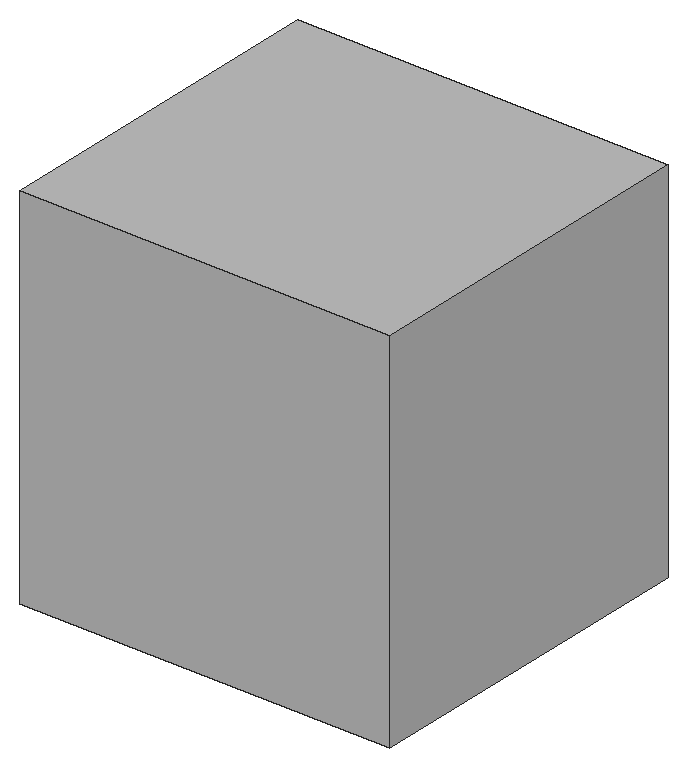
Revit family
Parameters (values of type "594 x 594mm")
  Label = "OVEN"
  Depth = 559 mm
  Height = 594 mm
  Oven Material = Metal - Stainless Steel
  Placement Hgt = 266 mm
  Width = 594 mm
Reference planes
  plane 1: y = 0
  plane 2 "Center": x = -30.942
  plane 3: x = -327.942
  plane 4: x = 266.058
  plane 5: z = 266
  plane 6: z = 860
  plane 7: z = 840
  plane 8: z = 286
  plane 9: x = -307.942
  plane 10: x = 246.058
  plane 11: z = 785.499
Forms (mm)
  Extrusion 1, solid, material "Metal - Stainless Steel"
    sketch origin (0, 0, 0) x (1, 0, 0) y (0, 1, 0)
      loop
        line (-327.942, 676.2) -> (-327.942, 117.2) -> (266.058, 117.2) -> (266.058, 676.2) -> (-327.942, 676.2)
    from 266 to 860
  Extrusion 2, void
    sketch origin (266.058, 676.2, 860) x (0, 0, 1) y (-1, 0, 0)
      loop
        line (-119.501, 574) -> (-574, 574) -> (-574, 20) -> (-119.501, 20) -> (-119.501, 574)
    from 0 to 483.012
  Extrusion 3, solid, material "Metal - Stainless Steel" <- "Oven Material"
    sketch origin (266.058, 676.2, 860) x (0, 0, -1) y (-1, 0, 0)
      loop
        line (574, 20) -> (574, 574) -> (119.501, 574) -> (119.501, 20) -> (574, 20)
      loop
        line (524, 60) -> (524, 534) -> (192.341, 534) -> (192.341, 60) -> (524, 60)
    from 0 to 10
  Extrusion 4, solid, material "Metal - Paint Finish - Dark Gray, Matte"
    sketch origin (266.058, 686.2, 860) x (0, 0, -1) y (-1, 0, 0)
      loop
        line (142.341, 70) -> (162.341, 70) -> (162.341, 524) -> (142.341, 524) -> (142.341, 70)
    from 0 to 15
  Extrusion 5, solid, material "Metal - Paint Finish - Dark Gray, Matte"
    sketch origin (266.058, 676.2, 860) x (0, 0, -1) y (-1, 0, 0)
      loop
        line (40.682, 60) -> (69.501, 60) -> (69.501, 180) -> (40.682, 180) -> (40.682, 60)
      loop
        circle (74.501, 485.559) r 20
      loop
        circle (74.501, 399.246) r 20
      loop
        circle (89.501, 180) r 10
      loop
        circle (89.501, 150) r 10
      loop
        circle (89.501, 120) r 10
      loop
        circle (89.501, 90) r 10
      loop
        circle (89.501, 60) r 10
    from 0 to 15
  Extrusion 6, solid, material "Plastic - Black"
    sketch origin (266.058, 676.2, 860) x (0, 0, -1) y (-1, 0, 0)
      loop
        line (20, 574) -> (20, 20) -> (119.501, 20) -> (119.501, 574) -> (20, 574)
    from 0 to 5
Cuts and joins
  Extrusion 2 cuts Extrusion 1
Lines and regions (mm)
  model lines
    curve 1: line (246.058, 676.2, 286) -> (-307.942, 676.2, 286)
    curve 2: line (246.058, 676.2, 840) -> (246.058, 676.2, 286)
    curve 3: line (-307.942, 676.2, 840) -> (246.058, 676.2, 840)
    curve 4: line (-307.942, 676.2, 286) -> (-307.942, 676.2, 840)
    curve 5: line (246.058, 676.2, 740.499) -> (-307.942, 676.2, 740.499)
    curve 6: line (206.058, 676.2, 336) -> (-267.942, 676.2, 336)
    curve 7: line (206.058, 676.2, 667.659) -> (206.058, 676.2, 336)
    curve 8: line (-267.942, 676.2, 667.659) -> (206.058, 676.2, 667.659)
    curve 9: line (-267.942, 676.2, 336) -> (-267.942, 676.2, 667.659)
    curve 10: line (196.058, 676.2, 697.659) -> (-257.942, 676.2, 697.659)
    curve 11: line (196.058, 676.2, 717.659) -> (196.058, 676.2, 697.659)
    curve 12: line (-257.942, 676.2, 717.659) -> (196.058, 676.2, 717.659)
    curve 13: line (-257.942, 676.2, 697.659) -> (-257.942, 676.2, 717.659)
    curve 14: arc (-133.188, 676.2, 765.499) -> (-153.188, 676.2, 785.499) -> (-133.188, 676.2, 805.499) r 20
    curve 15: arc (-133.188, 676.2, 805.499) -> (-113.188, 676.2, 785.499) -> (-133.188, 676.2, 765.499) r 20
    curve 16: arc (-219.501, 676.2, 765.499) -> (-239.501, 676.2, 785.499) -> (-219.501, 676.2, 805.499) r 20
    curve 17: arc (-219.501, 676.2, 805.499) -> (-199.501, 676.2, 785.499) -> (-219.501, 676.2, 765.499) r 20
    curve 18: line (206.058, 676.2, 819.318) -> (86.058, 676.2, 819.318)
    curve 19: line (206.058, 676.2, 790.499) -> (206.058, 676.2, 819.318)
    curve 20: line (86.058, 676.2, 790.499) -> (206.058, 676.2, 790.499)
    curve 21: line (86.058, 676.2, 819.318) -> (86.058, 676.2, 790.499)
    curve 22: arc (206.058, 676.2, 760.499) -> (196.058, 676.2, 770.499) -> (206.058, 676.2, 780.499) r 10
    curve 23: arc (206.058, 676.2, 780.499) -> (216.058, 676.2, 770.499) -> (206.058, 676.2, 760.499) r 10
    curve 24: arc (176.058, 676.2, 760.499) -> (166.058, 676.2, 770.499) -> (176.058, 676.2, 780.499) r 10
    curve 25: arc (176.058, 676.2, 780.499) -> (186.058, 676.2, 770.499) -> (176.058, 676.2, 760.499) r 10
    curve 26: arc (146.058, 676.2, 760.499) -> (136.058, 676.2, 770.499) -> (146.058, 676.2, 780.499) r 10
    curve 27: arc (146.058, 676.2, 780.499) -> (156.058, 676.2, 770.499) -> (146.058, 676.2, 760.499) r 10
    curve 28: arc (116.058, 676.2, 760.499) -> (106.058, 676.2, 770.499) -> (116.058, 676.2, 780.499) r 10
    curve 29: arc (116.058, 676.2, 780.499) -> (126.058, 676.2, 770.499) -> (116.058, 676.2, 760.499) r 10
    curve 30: arc (86.058, 676.2, 760.499) -> (76.058, 676.2, 770.499) -> (86.058, 676.2, 780.499) r 10
    curve 31: arc (86.058, 676.2, 780.499) -> (96.058, 676.2, 770.499) -> (86.058, 676.2, 760.499) r 10
  symbolic lines
    curve 32: line (-327.942, 676.2, 0) -> (266.058, 676.2, 0)
    curve 33: line (-327.942, 117.2, 0) -> (-327.942, 676.2, 0)
    curve 34: line (266.058, 117.2, 0) -> (-327.942, 117.2, 0)
    curve 35: line (266.058, 676.2, 0) -> (266.058, 117.2, 0)
Text (mm)
  text "Placement Side" at (0, 457.623, 1974.005), in view "Right"
  text "Placement Side" at (-680.281, 1563.093, 0), in view "Ref. Level"
  text "Placement Side" at (0, 1206.291, 1915.585), in view "Left"
Dimensions and locks
  equal spacing: plane 3, plane 2 "Center", plane 4
  "Width": plane 3 to plane 4
  locked: Extrusion 1 sketch curve to host wall at 41
  "Depth": Extrusion 1 sketch curve to Extrusion 1 sketch curve
  "Placement Hgt": level to plane 5
  "Height": plane 5 to plane 6
  equal spacing: cut or joined group of Extrusion 1, Extrusion 2, nested 1, cut or joined group of Extrusion 1, Extrusion 2
  aligned and locked: plane 3 to Extrusion 1 sketch curve
  aligned and locked: plane 4 to Extrusion 1 sketch curve
  aligned and locked: Extrusion 1 to plane 6
  aligned and locked: plane 5 to Extrusion 1
  aligned and locked: plane 10 to curve 1
  aligned and locked: plane 8 to curve 1
  aligned and locked: plane 7 to curve 4
  aligned and locked: plane 9 to curve 4
  aligned and locked: curve 32 to Extrusion 1  (x2)
  aligned and locked: curve 35 to Extrusion 1  (x2)
  aligned and locked: curve 4 to Extrusion 2 sketch curve
  aligned and locked: Extrusion 2 sketch curve to curve 5
  aligned and locked: Extrusion 2 sketch curve to curve 1
  aligned and locked: curve 2 to Extrusion 2 sketch curve
  aligned and locked: Extrusion 3 sketch curve to cut or joined group of Extrusion 1, Extrusion 2  (x3)
  aligned and locked: Extrusion 3 sketch curve to curve 1
  aligned and locked: curve 7 to Extrusion 3 sketch curve
  aligned and locked: Extrusion 3 sketch curve to curve 6
  aligned and locked: Extrusion 3 sketch curve to curve 8
  aligned and locked: Extrusion 3 sketch curve to curve 9
  aligned and locked: Extrusion 4 sketch curve to curve 11
  aligned and locked: Extrusion 4 sketch curve to curve 12
  aligned and locked: curve 10 to Extrusion 4 sketch curve
  aligned and locked: Extrusion 4 sketch curve to curve 13
  aligned and locked: curve 4 to Extrusion 6 sketch curve
  aligned and locked: Extrusion 6 sketch curve to curve 3
  aligned and locked: Extrusion 6 sketch curve to curve 5
  aligned and locked: Extrusion 6 sketch curve to cut or joined group of Extrusion 1, Extrusion 2
Automatic sketch dimensions
  curve 16 to plane 11 = 0 mm
  curve 15 to plane 11 = 0 mm
  plane 6 to curve 18 = 40.682 mm
  curve 17 to curve 16 = 20 mm
  curve 15 to curve 14 = 20 mm
  curve 19 to plane 11 = 5 mm
  plane 11 to curve 24 = 5 mm
  plane 11 to curve 26 = 5 mm
  plane 11 to curve 28 = 5 mm
  plane 11 to curve 30 = 5 mm
  plane 11 to curve 23 = 5 mm
  curve 30 to curve 30 = 10 mm
  curve 24 to curve 24 = 10 mm
  curve 28 to curve 29 = 10 mm
  curve 22 to curve 23 = 10 mm
  curve 26 to curve 27 = 10 mm
  plane 11 to curve 5 = 45 mm
  curve 5 to curve 13 = 22.84 mm
  curve 11 to curve 11 = 20 mm
  curve 10 to curve 9 = 30 mm
  curve 9 to curve 1 = 50 mm
  curve 8 to plane 9 = 40 mm
  curve 8 to curve 13 = 10 mm
  curve 12 to curve 17 = 38.441 mm
  curve 16 to curve 15 = 86.313 mm
  plane 2 "Center" to curve 31 = 117 mm
  curve 20 to curve 30 = 0 mm
  curve 30 to curve 29 = 30 mm
  curve 28 to curve 27 = 30 mm
  curve 26 to curve 24 = 30 mm
  curve 24 to curve 11 = 20 mm
  curve 24 to curve 22 = 30 mm
  curve 10 to curve 7 = 10 mm
  curve 20 to curve 22 = 0 mm
  Extrusion 5 sketch curve to plane 11 = 0 mm  (x2)
  Extrusion 5 sketch curve to plane 11 = 5 mm
  Extrusion 5 sketch curve to Extrusion 5 sketch curve = 20 mm  (x2)
  plane 7 to Extrusion 5 sketch curve = 20.682 mm
  plane 11 to Extrusion 5 sketch curve = 5 mm  (x5)
  Extrusion 5 sketch curve to Extrusion 5 sketch curve = 10 mm  (x5)
  Extrusion 5 sketch curve to plane 10 = 40 mm
  Extrusion 5 sketch curve to Extrusion 5 sketch curve = 0 mm  (x2)
  Extrusion 5 sketch curve to Extrusion 5 sketch curve = 30 mm  (x4)
  Extrusion 5 sketch curve to plane 2 "Center" = 102.246 mm
  Extrusion 5 sketch curve to Extrusion 5 sketch curve = 86.313 mm
Nested families
  nested 1: "M_Label Annotation" at (-30.942, 396.7, 0), type "M_Label Annotation", detail levels medium+fine
Definition of nested family "M_Label Annotation"
  Parameters
    Label = ""
  Reference planes
    plane 1: y = 0
    plane 2: x = 0
  Text (mm)
    label "Label" at (0.007, 0.129, 0), shows "Label"
